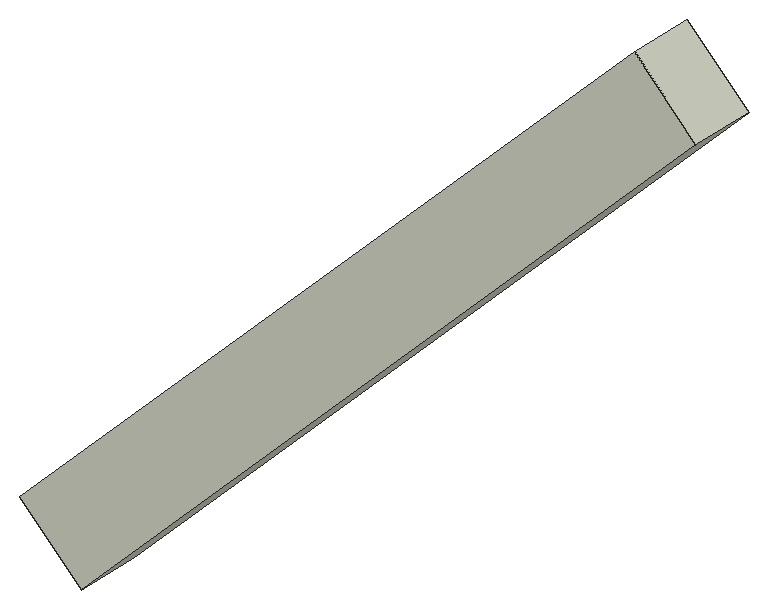
Revit family "グレーチング_不等辺山形鋼 1", category Generic Models, Revit 2020
Family settings
  Can host rebar = No
  Round Connector Dimension = Use Diameter
  Part Type = Normal
  Work Plane-Based = Yes
  Always vertical = No
  Cut with Voids When Loaded = No
  Shared = No
  Room Calculation Point = No
Parameters (values of type "L 100 x 75")
  高さ = 100 mm
  長辺 [instance] = 長さ  # 1000 mm
  長さ [instance] = 1000 mm
  部屋名 = ""
  角度 [instance] = 45.00°
  Default Elevation = 1219.2 mm
  構造マテリアル = E614_グレーチング
  幅 = 75 mm
Types (6, lengths in mm): name | 高さ | 幅
  L 100 x 75 | 100 | 75
  L 125 x 75 | 125 | 75
  L 125 x 90 | 125 | 90
  L 150 x 100 | 150 | 100
  L 150 x 90 | 150 | 90
  L 90 x 75 | 90 | 75
Reference planes
  plane 1 "中心(正面/背面)": y = 0
  plane 2: z = 0
  plane 3 "中心(左/右)": x = 0
Lines and regions (mm)
  reference lines
    curve 1: line (0, 0, 0) -> (848.528, 0, 848.528)
    curve 2: line (35.355, 0, -35.355) -> (-35.355, 0, 35.355)
    curve 3: line (742.462, 0, 671.751) -> (671.751, 0, 742.462)
Dimensions and locks
  equal spacing: curve 2, curve 1, curve 2
  "高さ": curve 2 to curve 2
  equal spacing: curve 3, curve 1, curve 3
  "高さ": curve 3 to curve 3
  "長さ": curve 2 to curve 3
  "角度": angle level to curve 1
  angle curve 2 to curve 1 = 90.00°
  angle curve 3 to curve 1 = 90.00°
  aligned and locked: level to plane 2
  aligned and locked: level to curve 1
  aligned and locked: plane 3 "中心(左/右)" to curve 1
  aligned and locked: curve 2 to nested 1
  aligned and locked: nested 1 to curve 1
Nested families
  nested 1: "グレーチング_不等辺山形鋼" at (-35.355, 0, 35.355) x (0, 1, 0) z (0.7071, 0, -0.7071), 長さ <- "長さ", type "L 90 x 75"
    with 長辺 1000 mm, 長さ 1000 mm, 高さ 100 mm
Definition of nested family "グレーチング_不等辺山形鋼"
  Parameters (values of type "L 125 x 75")
    高さ = 125 mm
    長辺 [instance] = 長さ  # 1000 mm
    長さ [instance] = 1000 mm
    部屋名 = ""
    Default Elevation = 1219.2 mm
    構造マテリアル = none
    幅 = 75 mm
  Types (6, lengths in mm): name | 高さ | 幅
    L 90 x 75 | 90 | 75
    L 100 x 75 | 100 | 75
    L 125 x 75 | 125 | 75
    L 125 x 90 | 125 | 90
    L 150 x 90 | 150 | 90
    L 150 x 100 | 150 | 100
  Reference planes
    plane 1 "中心(正面/背面)": y = 0
    plane 2: z = 0
    plane 3 "中心(左/右)": x = 0
    plane 4: z = 125
    plane 5: z = 62.5
  Forms (mm)
    Extrusion 1, solid, material <- "構造マテリアル"
      sketch origin (0, 0, 0) x (1, 0, 0) y (0, 1, 0)
        loop
          line (-37.5, 1000) -> (-37.5, 0) -> (37.5, 0) -> (37.5, 1000) -> (-37.5, 1000)
      from 0 to 125
  Lines and regions (mm)
    reference lines
      curve 1: line (37.5, 1000, 0) -> (-37.5, 1000, 0)
      curve 2: line (37.5, 0, 0) -> (-37.5, 0, 0)
  Dimensions and locks
    "長さ": curve 1 to curve 2
    "幅": Extrusion 1 to Extrusion 1
    equal spacing: Extrusion 1, plane 3 "中心(左/右)", Extrusion 1
    "幅": curve 1 to curve 1
    equal spacing: curve 1, plane 3 "中心(左/右)", curve 1
    "幅": curve 2 to curve 2
    equal spacing: curve 2, plane 3 "中心(左/右)", curve 2
    equal spacing: plane 4, plane 5, level
    "高さ": plane 4 to level
    aligned and locked: level to plane 2
    aligned and locked: Extrusion 1 to curve 2
    aligned and locked: curve 1 to Extrusion 1
    aligned and locked: plane 4 to Extrusion 1
  Automatic sketch dimensions
    Extrusion 1 sketch curve to plane 3 "中心(左/右)" = 37.5 mm
    plane 3 "中心(左/右)" to Extrusion 1 sketch curve = 37.5 mm
    plane 1 "中心(正面/背面)" to Extrusion 1 sketch curve = 0 mm
    Extrusion 1 sketch curve to plane 1 "中心(正面/背面)" = 1000 mm
    plane 1 "中心(正面/背面)" to curve 2 = 0 mm
